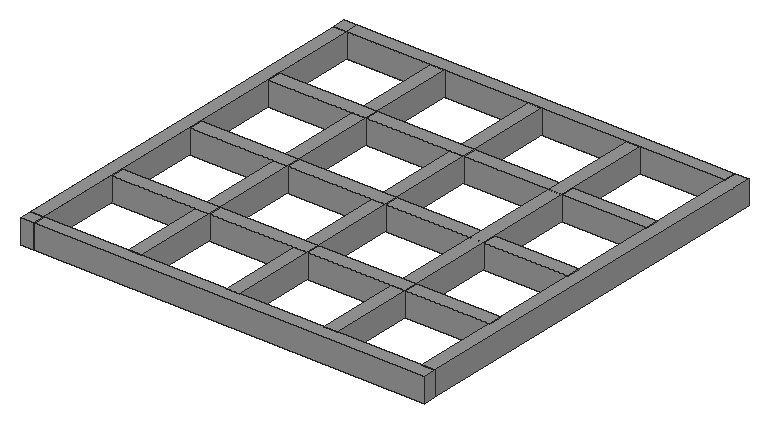
Revit family "6112-6", category Generic Models, host Ceiling, Revit 2023
Family settings
  Host = Ceiling
  Can host rebar = No
  Round Connector Dimension = Use Diameter
  Part Type = Normal
  Always vertical = Yes
  Cut with Voids When Loaded = No
  Maintain Annotation Orientation = No
  Shared = No
  Room Calculation Point = No
Parameters (values of type "6112-3")
  MEMBER THICKNESS [instance] = 0' - 0 3/4"
  Default Elevation = 0' - 0"
  Cube Depth [instance] = 0' - 1 3/8"  # constant formula
  CELL COUNT [instance] = 4  # constant formula
  .. Member Material [instance] = 9WOOD WALNUT
Types (3): name
  (no name)
  6112-3
  6113-3
Reference planes (in)
  plane 1 "Center (Front/Back)": y = 0
  plane 2 "Ceiling": z = 96
  plane 3 "Center (Left/Right)": x = 0
Dimensions and locks (in)
  equal spacing: host sketch curve, plane 3 "Center (Left/Right)", host sketch curve
  equal spacing: host sketch curve, plane 1 "Center (Front/Back)", host sketch curve
  host sketch curve to host sketch curve = 10' - 0"  (x2)
  aligned and locked: host ceiling to nested 1
Nested families (in)
  nested 1: "6100 Start" at (-406.11614, -294.13883, 72.37482), Actual Depth <- "Cube Depth", Member Material <- ".. Member Material", MEMBER COUNT <- "CELL COUNT", MEMBER THICKNESS <- "MEMBER THICKNESS", type "6100 Start"
    with W1 CALC 1' - 10 1/4", T1 1' - 9 1/2", Member Material 9WOOD WALNUT, MEMBER THICKNESS 0' - 0 3/4", MEMBER COUNT 4, D2 TYP 0' - 5 9/16", Actual Depth 0' - 1 3/8", .. Half Member Width 0' - 0 3/8"
Definition of nested family "6100 Start"
  Parameters (values of type "6100 Start")
    W1 CALC [instance] = 1' 9 1/2" + MEMBER THICKNESS  # 1' - 10 1/8"
    T1 [instance] = 1' - 9 1/2"  # constant formula
    Member Material [instance] = none
    .. Half Member Width [instance] = MEMBER THICKNESS / 2  # 0' - 0 5/16"
    Actual Depth [instance] = 0' - 2 1/4"
    MEMBER THICKNESS [instance] = 0' - 0 5/8"
    Default Elevation = 0' - 2 25/32"
    D2 TYP [instance] = (T1 + MEMBER THICKNESS) / MEMBER COUNT  # 0' - 5 17/32"
    MEMBER COUNT [instance] = 4
  Reference planes (in)
    plane 1 "Center (Front/Back)": y = 286.63756
    plane 2: z = 0
    plane 3 "Center (Left/Right)": x = 398.71958
    plane 4: y = 308.88756
    plane 5: x = 420.96958
    plane 6: x = 399.46958
    plane 7: y = 287.38756
    plane 8: x = 420.96958
    plane 9: x = 420.96958
    plane 10: z = 23.62518
    plane 11: x = 399.46958
    plane 12: y = 309.20006
    plane 13: y = 303.66881
    plane 14: x = 399.15708
    plane 15: x = 404.68833
  Dimensions and locks (in)
    "T1": plane 4 to plane 7
    "T1": plane 6 to plane 5
    ".. Half Member Width": plane 14 to plane 6
    ".. Half Member Width": plane 12 to plane 4
    "D2 TYP": plane 12 to plane 13
    "D2 TYP": plane 14 to plane 15
    equal spacing: group 1, group 3, group 4, group 7  (x2)
    equal spacing: group 7, group 4, group 3, group 1
    equal spacing: group 2, group 5, group 6, group 8
    equal spacing: group 8, group 6, group 5, group 2  (x2)
    aligned and locked: plane 2 to level
    aligned and locked: plane 4 to nested 1  (x2)
    aligned and locked: plane 5 to nested 2
    aligned and locked: plane 7 to nested 3
    aligned and locked: nested 3 to plane 6
    aligned and locked: nested 4 to plane 8
    aligned and locked: nested 4 to plane 7
    aligned and locked: nested 5 to plane 4
    aligned and locked: nested 5 to plane 9
    aligned and locked: plane 6 to nested 6
    aligned and locked: plane 4 to nested 6
    aligned and locked: plane 10 to nested 2
    aligned and locked: nested 5 to plane 10
    aligned and locked: nested 3 to plane 10
    aligned and locked: nested 6 to plane 10
    aligned and locked: nested 4 to plane 10
    aligned and locked: plane 11 to nested 6
    aligned and locked: plane 14 to nested 1
    aligned and locked: plane 15 to nested 7
    aligned and locked: nested 2 to plane 12
    aligned and locked: nested 9 to plane 13
    aligned and locked: plane 10 to nested 12
    aligned and locked: plane 10 to nested 11
    aligned and locked: plane 10 to nested 8
  Nested families (in)
    nested 1: "Only Box" at (399.15708, 298.13756, 21.37518), Width <- "MEMBER THICKNESS", Length <- "T1", Depth <- "Actual Depth", Material <- "Member Material", type "Only Box"
      with Width 0' - 0 5/8", Material none, Length 1' - 9 1/2", Depth 0' - 2 1/4"
    nested 2: "Only Box" at (410.21958, 309.20006, 21.37518), Length <- "MEMBER THICKNESS", Depth <- "Actual Depth", Material <- "Member Material", type "Only Box"
      with Width 1' - 9 1/2", Material none, Length 0' - 0 5/8", Depth 0' - 2 1/4"
    nested 3: "Only Box 2" at (438.46958, 259.37199, 23.62518) x (0, -1, 0) z (0, 0, 1), Depth <- "Actual Depth", Length <- "MEMBER THICKNESS", Material <- "Member Material", Width <- "W1 CALC", type "Only Box 2"
      with Width 1' - 10 1/8", Material none, Length 0' - 0 5/8", Depth 0' - 2 1/4"
    nested 4: "Only Box 2" at (448.98515, 326.38756, 23.62518), Depth <- "Actual Depth", Length <- "MEMBER THICKNESS", Material <- "Member Material", Width <- "W1 CALC", type "Only Box 2"
      with Width 1' - 10 1/8", Material none, Length 0' - 0 5/8", Depth 0' - 2 1/4"
    nested 5: "Only Box 2" at (381.96958, 336.90313, 23.62518) x (0, 1, 0) z (0, 0, 1), Depth <- "Actual Depth", Length <- "MEMBER THICKNESS", Material <- "Member Material", Width <- "W1 CALC", type "Only Box 2"
      with Width 1' - 10 1/8", Material none, Length 0' - 0 5/8", Depth 0' - 2 1/4"
    nested 6: "Only Box 2" at (371.45401, 269.88756, 23.62518) x (-1, 0, 0) z (0, 0, 1), Depth <- "Actual Depth", Length <- "MEMBER THICKNESS", Material <- "Member Material", Width <- "W1 CALC", type "Only Box 2"
      with Width 1' - 10 1/8", Material none, Length 0' - 0 5/8", Depth 0' - 2 1/4"
    nested 7: "Only Box" at (404.68833, 298.13756, 21.37518), Width <- "MEMBER THICKNESS", Length <- "T1", Depth <- "Actual Depth", Material <- "Member Material", type "Only Box"
      with Width 0' - 0 5/8", Material none, Length 1' - 9 1/2", Depth 0' - 2 1/4"
    nested 8: "Only Box" at (410.21958, 298.13756, 21.37518), Width <- "MEMBER THICKNESS", Length <- "T1", Depth <- "Actual Depth", Material <- "Member Material", type "Only Box"
      with Width 0' - 0 5/8", Material none, Length 1' - 9 1/2", Depth 0' - 2 1/4"
    nested 9: "Only Box" at (410.21958, 303.66881, 21.37518), Length <- "MEMBER THICKNESS", Depth <- "Actual Depth", Material <- "Member Material", type "Only Box"
      with Width 1' - 9 1/2", Material none, Length 0' - 0 5/8", Depth 0' - 2 1/4"
    nested 10: "Only Box" at (410.21958, 298.13756, 21.37518), Length <- "MEMBER THICKNESS", Depth <- "Actual Depth", Material <- "Member Material", type "Only Box"
      with Width 1' - 9 1/2", Material none, Length 0' - 0 5/8", Depth 0' - 2 1/4"
    nested 11: "Only Box" at (415.75083, 298.13756, 21.37518), Width <- "MEMBER THICKNESS", Length <- "T1", Depth <- "Actual Depth", Material <- "Member Material", type "Only Box"
      with Width 0' - 0 5/8", Material none, Length 1' - 9 1/2", Depth 0' - 2 1/4"
    nested 12: "Only Box" at (410.21958, 292.60631, 21.37518), Length <- "MEMBER THICKNESS", Depth <- "Actual Depth", Material <- "Member Material", type "Only Box"
      with Width 1' - 9 1/2", Material none, Length 0' - 0 5/8", Depth 0' - 2 1/4"
  Definition of nested family "Only Box"
    Parameters
      Width [instance] = 4' - 8.03114"
      Material [instance] = none
      Length [instance] = 6' - 6"
      Depth [instance] = 2' - 8"
      Default Elevation = 0' - 0"
    Reference planes (in)
      plane 1 "Center (Front/Back)": y = 0
      plane 2: z = 0
      plane 3 "Center (Left/Right)": x = 0
      plane 4: x = -28.01557
      plane 5: x = 28.01557
      plane 6: y = 39
      plane 7: y = -39
      plane 8: z = 32
    Forms (in)
      Extrusion 1, solid, material <- "Material"
        sketch origin (0, 0, 0) x (1, 0, 0) y (0, 1, 0)
          loop
            line (-28.01557, 39) -> (-28.01557, -39) -> (28.01557, -39) -> (28.01557, 39) -> (-28.01557, 39)
        from 0 to 32
    Dimensions and locks (in)
      equal spacing: plane 6, plane 1 "Center (Front/Back)", plane 7
      equal spacing: plane 4, plane 3 "Center (Left/Right)", plane 5
      "Width": plane 4 to plane 5
      "Length": plane 6 to plane 7
      "Depth": plane 8 to level
      aligned and locked: plane 2 to level
      aligned and locked: Extrusion 1 sketch curve to plane 6
      aligned and locked: plane 4 to Extrusion 1 sketch curve
      aligned and locked: plane 7 to Extrusion 1 sketch curve
      aligned and locked: Extrusion 1 sketch curve to plane 5
      aligned and locked: plane 8 to Extrusion 1
      aligned and locked: Extrusion 1 to level
  Definition of nested family "Only Box 2"
    Parameters (values of type "Only Box 2")
      Width [instance] = 4' - 8.03114"
      Material [instance] = none
      Length [instance] = 6' - 6"
      Depth [instance] = 2' - 8"
      Default Elevation = 0' - 0"
    Reference planes (in)
      plane 1 "Center (Front/Back)": y = 39
      plane 2: z = 0
      plane 3 "Center (Left/Right)": x = -28.01557
      plane 4: x = 49.98443
      plane 5: y = -17.03114
      plane 6: z = -32
      plane 7: x = 10.98443
      plane 8: y = 10.98443
    Forms (in)
      Extrusion 1, solid, material <- "Material"
        sketch origin (0, 0, 0) x (1, 0, 0) y (0, 1, 0)
          loop
            line (-28.01557, 39) -> (-28.01557, -17.03114) -> (49.98443, -17.03114) -> (49.98443, 39) -> (-28.01557, 39)
        from 0 to -32
    Dimensions and locks (in)
      "Length": plane 3 "Center (Left/Right)" to plane 4
      "Width": plane 5 to plane 1 "Center (Front/Back)"
      "Depth": level to plane 6
      equal spacing: plane 3 "Center (Left/Right)", plane 7, plane 4
      equal spacing: plane 1 "Center (Front/Back)", plane 8, plane 5
      aligned and locked: plane 2 to level
      aligned and locked: Extrusion 1 to level
      aligned and locked: Extrusion 1 to plane 3 "Center (Left/Right)"
      aligned and locked: Extrusion 1 to plane 1 "Center (Front/Back)"
      aligned and locked: plane 4 to Extrusion 1
      aligned and locked: Extrusion 1 to plane 5
      aligned and locked: Extrusion 1 to plane 6
    Automatic sketch dimensions
      Extrusion 1 sketch curve to plane 1 "Center (Front/Back)" = 0' - 0"
      plane 1 "Center (Front/Back)" to Extrusion 1 sketch curve = 4' - 8.03114"
      Extrusion 1 sketch curve to plane 3 "Center (Left/Right)" = 0' - 0"
      plane 3 "Center (Left/Right)" to Extrusion 1 sketch curve = 6' - 6"
